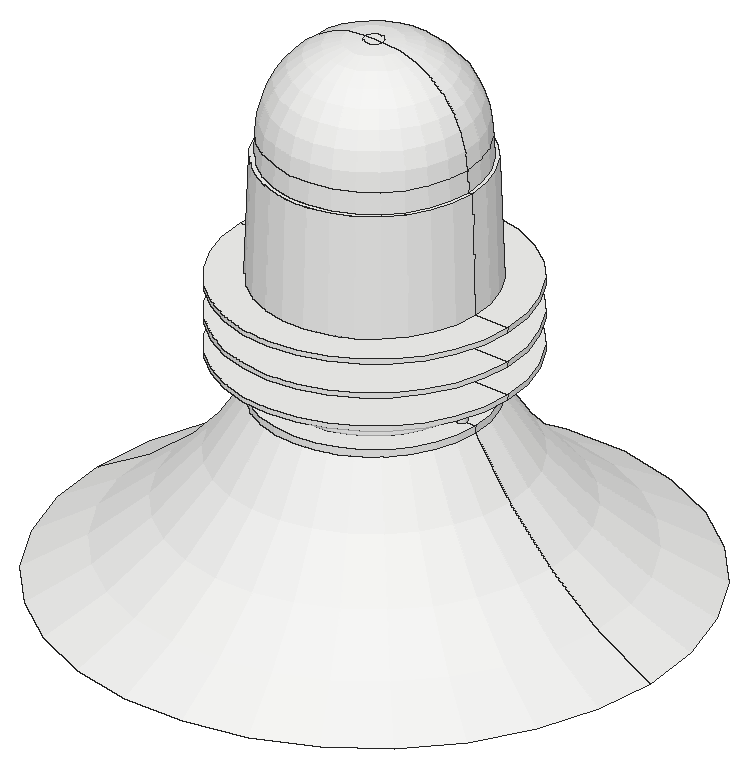
Revit family "UCS", category Lighting Fixtures, Revit 2021
Family settings
  Round Connector Dimension = Use Diameter
  Part Type = Normal
  OmniClass Number = 23.80.70.14
  OmniClass Title = Luminaries for External Lighting
  Work Plane-Based = No
  Always vertical = Yes
  Cut with Voids When Loaded = No
  Light Source = No
  Shared = No
  Room Calculation Point = No
Parameters (values of type "13" ø FLR 70 Watt MH-FCO")
  Wattage Comments = "70 watt medium base clear ED-17 HM lamp"
  Voltage = 120 V  # constant formula
  URL = "https://www.currentlighting.com/aal"
  Type Comments = "with opal glass lens"
  Series = "Universe"  # constant formula
  Straight Hood = no
  Skirted Bell Hood = no
  Photometric Web = Web UCS : UCS-FLR-70MH-FCO
  Default elevation = 0.000"
  Note Visible = yes
  External Housing Radius = 7.500"
  Housing Radius = 2.75391"  # constant formula
  Power Factor = 1  # constant formula
  OmniClass Title = "Post-Top Lighting"  # constant formula
  OmniClass Number = "23.80.70.14.11.14"  # constant formula
  Number of Poles = 1
  Note Text = "LF"  # constant formula
  Model = "UCS"  # constant formula
  MasterFormat Title = "Area Lighting"  # constant formula
  MasterFormat Number = "26.56.29"  # constant formula
  Manufacturer = "Architectural Area Lighting"  # constant formula
  Lamp = "Metal Halide"
  Housing Material = Aluminum-Artic White
  Housing Height = 13.000"
  Glass Material = Glass-Acrylic
  Full Load Current = 0.73 A  # constant formula
  Frequency = 60 Hz  # constant formula
  Flared Hood = yes
  Description = "Lighting Fixture"  # constant formula
  Default Elevation = 0.000"
  Assembly Code = "D5020200"
  Apparent Load = 70 VA
Types (6): name | Wattage Comments | Type Comments | Straight Hood | Skirted Bell Hood | External Housing Radius | Lamp | Housing Height | Flared Hood | Apparent Load
  (no name) | "70 watt medium base clear ED-17 HM lamp" | "with opal glass lens" | no | no | 7.500" | "Metal Halide" | 13.000" | yes | 70 VA
  13" ø FLR 70 Watt MH-FCO | "70 watt medium base clear ED-17 HM lamp" | "with opal glass lens" | no | no | 7.500" | "Metal Halide" | 13.000" | yes | 70 VA
  16" ø SKB 70 Watt MH-FCO | "70 watt medium base clear ED-17 HM lamp" | "with skirted bell hood, full cutoff" | no | yes | 7.500" | "Metal Halide" | 16.000" | no | 70 VA
  16" ø STR 42 Watt CFL | "42 watt CFL" | "on relamp door" | yes | no | 8.000" | "Compact Fluorescent" | 12.68359" | no | 42 VA
  16" ø STR 70 Watt MH | "70 watt medium base clear E-17 MH" | "on relamp door" | yes | no | 8.000" | "Metal Halide" | 12.68359" | no | 70 VA
  16" ø STR 70 Watt MH-FCO | "70 watt medium base clear ED-17 MH" | "on relamp door. full cutoff" | yes | no | 8.000" | "Metal Halide" | 12.68359" | no | 70 VA
Reference planes (in)
  plane 1 "Light Source Axis (F/B)": y = 0
  plane 2 "Bottom": z = 0
  plane 3 "Light Source Axis (L/R)": x = 0
  plane 4 "Light Source Elevation": z = 6.5
  plane 5 "Top": z = 13
  plane 6: x = 2.75391
  plane 7: x = 7.5
Forms (in)
  Revolve 1, solid, material "Aluminum-Artic White" <- "Housing Material", detail levels fine
    sketch origin (0, 0, 0) x (1, 0, 0) y (0, 0, 1)
      loop
        line (3.62779, 5.64709) -> (2.19682, 5.64709) -> (2.19682, 5.52209) -> (3.62779, 5.52209) -> (3.62779, 5.64709)
      loop
        line (3.62779, 6.45709) -> (2.19682, 6.45709) -> (2.19682, 6.33209) -> (3.62779, 6.33209) -> (3.62779, 6.45709)
      loop
        line (3.62779, 7.26959) -> (2.75391, 7.26959) -> (2.65787, 10.1778) -> (2.54931, 10.1778) -> (2.53096, 10.70329)
        arc (2.53096, 10.70329) -> (1.85827, 12.32731) -> (0.23425, 13) r 2.29671
        line (0.23425, 13) -> (0, 13) -> (0, 12.875) -> (0.23425, 12.875)
        arc (0.23425, 12.875) -> (1.39548, 12.53846) -> (2.19682, 11.63315) r 2.17171
        line (2.19682, 11.63315) -> (2.19682, 7.14459) -> (3.62779, 7.14459) -> (3.62779, 7.26959)
      axis (0, 13) -> (0, 5.52209)
    angle from 0 to 360
  Revolve 2, solid, material "Glass-Acrylic" <- "Glass Material", detail levels medium+fine
    sketch origin (0, 0, 0) x (1, 0, 0) y (0, 0, 1)
      loop
        line (2.16785, 7.4278) -> (2.10535, 7.4278) -> (2.10535, 2.16785)
        arc (2.10535, 2.16785) -> (1.48871, 0.67914) -> (0, 0.0625) r 2.10535
        line (0, 0.0625) -> (0, 0)
        arc (0, 0) -> (1.5329, 0.63495) -> (2.16785, 2.16785) r 2.16785
        line (2.16785, 2.16785) -> (2.16785, 7.4278)
      axis (0, 7.4278) -> (0, 0)
    angle from 0 to 360
  Revolve 3, solid, material "Aluminum-Artic White" <- "Housing Material", detail levels coarse+medium
    sketch origin (0, 0, 0) x (1, 0, 0) y (0, 0, 1)
      loop
        line (7.5, 1.23024) -> (3.00186, 4.33531) -> (2.75391, 4.33531) -> (2.75391, 7.26959) -> (2.75391, 10.24609)
        arc (2.75391, 10.24609) -> (1.94731, 12.1934) -> (0, 13) r 2.75391
        line (0, 13) -> (0, 7.4278) -> (2.16795, 7.4278) -> (2.16795, 4.21031) -> (2.96775, 4.21031) -> (7.43651, 1.12256) -> (7.5, 1.23024)
      axis (0, 13) -> (0, 1.12256)
    angle from 0 to 360
  Revolve 4, solid, material "Aluminum-Artic White" <- "Housing Material", visible <- "Straight Hood", detail levels fine
    sketch origin (-12, 0, 0) x (1, 0, 0) y (0, 0, 1)
      loop
        line (15.00186, 4.33531) -> (14.75391, 4.33531) -> (14.75391, 4.58531) -> (14.16892, 4.58531) -> (14.16892, 4.46031) -> (14.62891, 4.21031) -> (14.96775, 4.21031) -> (19.43651, 1.12256) -> (19.5, 1.23024) -> (15.00186, 4.33531)
      axis (12, 4.58531) -> (12, 1.12256)
    angle from 0 to 360
  Revolve 5, solid, material "Aluminum-Artic White" <- "Housing Material", visible <- "Skirted Bell Hood", detail levels fine
    sketch origin (0, 0, 0) x (1, 0, 0) y (0, 0, 1)
      loop
        arc (6.63166, 1.23024) -> (5.05349, 3.32468) -> (2.75391, 4.58531) r 6.23748
        line (2.75391, 4.58531) -> (2.16785, 4.58531) -> (2.16785, 4.46031) -> (2.73558, 4.46031)
        arc (2.73558, 4.46031) -> (4.98281, 3.22051) -> (6.52297, 1.16746) r 6.11248
        line (6.52297, 1.16746) -> (7.347, 0) -> (7.5, 0) -> (6.63166, 1.23024)
      axis (0, 4.58531) -> (0, 0)
    angle from 0 to 360
  Revolve 6, solid, material "Aluminum-Artic White" <- "Housing Material", visible <- "Flared Hood", detail levels fine
    sketch origin (0, 0, 0) x (1, 0, 0) y (0, 0, 1)
      loop
        line (2.16639, 4.58531) -> (2.16639, 4.46031) -> (2.62891, 4.3086)
        arc (2.62891, 4.3086) -> (4.55821, 1.8136) -> (7.13854, 0) r 10.55502
        line (7.13854, 0) -> (7.5, 0)
        arc (7.5, 0) -> (4.77529, 1.82387) -> (2.75391, 4.40545) r 10.39872
        line (2.75391, 4.40545) -> (2.75391, 4.58531) -> (2.16639, 4.58531)
      axis (0, 4.58531) -> (0, 0)
    angle from 0 to 360
  Extrusion 7, solid, material "Aluminum-Artic White" <- "Housing Material", detail levels fine
    sketch origin (0, 0, 6.5) x (0, -1, 0) y (1, 0, 0)
      loop
        circle (0, -2.375) r 0.125
      loop
        circle (0, 2.375) r 0.125
    from -1.91469 to 0.64459
Lines and regions (in)
  Masking region 1, detail levels coarse
    outline origin (0, 0, 0) x (1, 0, 0) y (0, 0, 1)
      loop
        line (7.5, 0) -> (2.91211, 6.5) -> (2.91211, 10.08789)
        arc (2.91211, 10.08789) -> (0, 13) -> (-2.91211, 10.08789) r 2.91211
        line (-2.91211, 10.08789) -> (-2.91211, 6.5) -> (-7.5, 0) -> (7.5, 0)
  Masking region 2, detail levels medium+fine
    outline origin (0, 0, 0) x (1, 0, 0) y (0, 0, 1)
      loop
        line (3.62779, 5.64709) -> (2.16785, 5.64709) -> (2.16785, 6.33209) -> (3.62779, 6.33209) -> (3.62779, 6.45709) -> (2.16785, 6.45709) -> (2.16785, 7.14459) -> (3.62779, 7.14459) -> (3.62779, 7.26959) -> (2.75391, 7.26959) -> (2.65787, 10.1778) -> (2.52034, 10.1778) -> (2.50199, 10.70329)
        arc (2.50199, 10.70329) -> (1.8293, 12.32731) -> (0.20528, 13) r 2.29671
        line (0.20528, 13) -> (-0.20528, 13)
        arc (-0.20528, 13) -> (-1.8293, 12.32731) -> (-2.50199, 10.70329) r 2.29671
        line (-2.50199, 10.70329) -> (-2.52034, 10.1778) -> (-2.65787, 10.1778) -> (-2.75391, 7.26959) -> (-3.62779, 7.26959) -> (-3.62779, 7.14459) -> (-2.16785, 7.14459) -> (-2.16785, 6.45709) -> (-3.62779, 6.45709) -> (-3.62779, 6.33209) -> (-2.16785, 6.33209) -> (-2.16785, 5.64709) -> (-3.62779, 5.64709) -> (-3.62779, 5.52209) -> (-2.16785, 5.52209) -> (-2.16785, 4.58531) -> (2.16785, 4.58531) -> (2.16785, 5.52209) -> (3.62779, 5.52209) -> (3.62779, 5.64709)
  Masking region 3, detail levels coarse
    outline origin (0, 0, 0) x (0, 1, 0) y (0, 0, 1)
      loop
        line (7.5, 0) -> (2.75391, 4.74609) -> (2.75391, 10.24609)
        arc (2.75391, 10.24609) -> (0, 13) -> (-2.75391, 10.24609) r 2.75391
        line (-2.75391, 10.24609) -> (-2.75391, 4.74609) -> (-7.5, 0) -> (7.5, 0)
  Masking region 4, detail levels medium+fine
    outline origin (0, 0, 0) x (0, 1, 0) y (0, 0, 1)
      loop
        line (-3.62779, 5.64709) -> (-3.62779, 5.52209) -> (-2.17088, 5.52209) -> (-2.17088, 4.58531) -> (2.17088, 4.58531) -> (2.17088, 5.52209) -> (3.62779, 5.52209) -> (3.62779, 5.64709) -> (2.17088, 5.64709) -> (2.17088, 6.33209) -> (3.62779, 6.33209) -> (3.62779, 6.45709) -> (2.17088, 6.45709) -> (2.17088, 7.14459) -> (3.62779, 7.14459) -> (3.62779, 7.26959) -> (2.75391, 7.26959) -> (2.65787, 10.01959) -> (2.52034, 10.01959) -> (2.50199, 10.70329)
        arc (2.50199, 10.70329) -> (1.8293, 12.32731) -> (0.20528, 13) r 2.29671
        line (0.20528, 13) -> (-0.20528, 13)
        arc (-0.20528, 13) -> (-1.8293, 12.32731) -> (-2.50199, 10.70329) r 2.29671
        line (-2.50199, 10.70329) -> (-2.52034, 10.01959) -> (-2.65787, 10.01959) -> (-2.75391, 7.26959) -> (-3.62779, 7.26959) -> (-3.62779, 7.14459) -> (-2.17088, 7.14459) -> (-2.17088, 6.45709) -> (-3.62779, 6.45709) -> (-3.62779, 6.33209) -> (-2.17088, 6.33209) -> (-2.17088, 5.64709) -> (-3.62779, 5.64709)
  Masking region 5, detail levels coarse
    outline origin (0, 0, 0) x (1, 0, 0) y (0, 1, 0)
      loop
        circle (0, 0) r 7.5
  Masking region 6, detail levels medium+fine
    outline origin (0, 0, 0) x (1, 0, 0) y (0, 1, 0)
      loop
        circle (0, 0) r 7.5
  Masking region 7, visible <- "Straight Hood", detail levels medium+fine
    outline origin (-18, 0, 0) x (1, 0, 0) y (0, 0, 1)
      loop
        arc (16.03583, 1.23024) -> (18, 0) -> (19.96417, 1.23024) r 2.18308
        line (19.96417, 1.23024) -> (25.5, 1.23024) -> (21.00186, 4.33531) -> (20.75391, 4.33531) -> (20.75391, 4.58531) -> (15.24609, 4.58531) -> (15.24609, 4.33531) -> (14.99814, 4.33531) -> (10.5, 1.23024) -> (16.03583, 1.23024)
  Masking region 8, visible <- "Skirted Bell Hood", detail levels medium+fine
    outline origin (0, 0, 0) x (1, 0, 0) y (0, 0, 1)
      loop
        arc (-2.75391, 4.58531) -> (-4.85339, 3.06446) -> (-6.68546, 1.23024) r 16.31413
        line (-6.68546, 1.23024) -> (-7.5, 0) -> (7.5, 0) -> (6.68546, 1.23024)
        arc (6.68546, 1.23024) -> (4.84736, 3.05739) -> (2.75391, 4.58531) r 17.0751
        line (2.75391, 4.58531) -> (-2.75391, 4.58531)
  Masking region 9, visible <- "Flared Hood", detail levels medium+fine
    outline origin (0, 0, 0) x (1, 0, 0) y (0, 0, 1)
      loop
        line (2.75391, 4.58531) -> (-2.75391, 4.58531) -> (-2.75391, 4.33531)
        arc (-2.75391, 4.33531) -> (-4.67423, 1.67204) -> (-7.5, 0) r 8.03018
        line (-7.5, 0) -> (7.5, 0)
        arc (7.5, 0) -> (4.67423, 1.67204) -> (2.75391, 4.33531) r 8.03018
        line (2.75391, 4.33531) -> (2.75391, 4.58531)
  Masking region 10, visible <- "Straight Hood", detail levels medium+fine
    outline origin (0, 24, 0) x (0, 1, 0) y (0, 0, 1)
      loop
        arc (-25.96407, 1.23024) -> (-24, 0) -> (-22.03593, 1.23024) r 2.18293
        line (-22.03593, 1.23024) -> (-16.5, 1.23024) -> (-20.99814, 4.33531) -> (-21.24609, 4.33531) -> (-21.24609, 4.58531) -> (-26.75391, 4.58531) -> (-26.75391, 4.33531) -> (-27.00186, 4.33531) -> (-31.5, 1.23024) -> (-25.96407, 1.23024)
  Masking region 11, visible <- "Skirted Bell Hood", detail levels medium+fine
    outline origin (0, 0, 0) x (0, 1, 0) y (0, 0, 1)
      loop
        arc (-2.75391, 4.58531) -> (-4.83098, 3.0675) -> (-6.63166, 1.23024) r 15.66694
        line (-6.63166, 1.23024) -> (-7.5, 0) -> (7.5, 0) -> (6.63166, 1.23024)
        arc (6.63166, 1.23024) -> (4.83098, 3.0675) -> (2.75391, 4.58531) r 15.66694
        line (2.75391, 4.58531) -> (-2.75391, 4.58531)
  Masking region 12, visible <- "Flared Hood", detail levels medium+fine
    outline origin (0, 0, 0) x (0, 1, 0) y (0, 0, 1)
      loop
        line (2.75391, 4.58531) -> (-2.75391, 4.58531) -> (-2.75391, 4.33531)
        arc (-2.75391, 4.33531) -> (-4.67999, 1.67834) -> (-7.5, 0) r 8.12504
        line (-7.5, 0) -> (7.5, 0)
        arc (7.5, 0) -> (4.67999, 1.67834) -> (2.75391, 4.33531) r 8.12504
        line (2.75391, 4.33531) -> (2.75391, 4.58531)
  symbolic lines, detail levels fine
    curve 1: line (3.62779, 0, 5.52209) -> (-3.62779, 0, 5.52209)
    curve 2: line (3.62779, 0, 5.64709) -> (-3.62779, 0, 5.64709)
    curve 3: line (3.62779, 0, 6.33209) -> (-3.62779, 0, 6.33209)
    curve 4: line (3.62779, 0, 6.45709) -> (-3.62779, 0, 6.45709)
    curve 5: line (3.62779, 0, 7.14459) -> (-3.62779, 0, 7.14459)
    curve 6: line (3.62779, 0, 7.26959) -> (-3.62779, 0, 7.26959)
    curve 7: line (2.52034, 0, 10.1778) -> (-2.52034, 0, 10.1778)
    curve 8: line (0, 2.75391, 6.24351) -> (0, -2.75391, 6.24351)
    curve 9: line (0, 3.62779, 5.52209) -> (0, -3.62779, 5.52209)
    curve 10: line (0, 3.62779, 5.64709) -> (0, -3.62779, 5.64709)
    curve 11: line (0, 3.62779, 6.33209) -> (0, -3.62779, 6.33209)
    curve 12: line (0, 3.62779, 6.45709) -> (0, -3.62779, 6.45709)
    curve 13: line (0, 3.62779, 7.14459) -> (0, -3.62779, 7.14459)
    curve 14: line (0, 3.62779, 7.26959) -> (0, -3.62779, 7.26959)
    curve 15: line (0, 2.5161, 10.1778) -> (0, -2.5161, 10.1778)
    curve 16: circle (0, 0, 0) r 3.62779 normal (0, 0, 1)
    curve 17: circle (0, 0, 0) r 2.19682 normal (0, 0, 1)
  symbolic lines, visible <- "Straight Hood", detail levels fine
    curve 18: line (2.75391, 0, 4.33531) -> (-2.75391, 0, 4.33531)
    curve 20: line (-2.75391, 0, 1.23024) -> (2.75391, 0, 1.23024)
    curve 22: line (0, 2.75391, 1.23024) -> (0, -2.75391, 1.23024)
  symbolic lines, visible <- "Skirted Bell Hood", detail levels fine
    curve 19: line (-6.68546, 0, 1.23024) -> (6.68546, 0, 1.23024)
    curve 23: line (0, -6.63166, 1.23024) -> (0, 6.63166, 1.23024)
  symbolic lines, visible <- "Flared Hood", detail levels fine
    curve 21: line (2.75391, 0, 4.33531) -> (-2.75391, 0, 4.33531)
    curve 24: line (0, 2.75391, 4.33531) -> (0, -2.75391, 4.33531)
  symbolic lines, style "LightingFixturesHiddenLines", detail levels coarse
    curve 25: line (5.3033, -5.3033, 0) -> (-5.3033, 5.3033, 0)
    curve 26: line (5.3033, 5.3033, 0) -> (-5.3033, -5.3033, 0)
  reference lines
    curve 27: circle (0, 0, 0) r 0.5 normal (0, 0, 1)
Dimensions and locks (in)
  "Housing Radius": plane 6 to plane 3 "Light Source Axis (L/R)"
  "External Housing Radius": plane 7 to plane 3 "Light Source Axis (L/R)"
  equal spacing: plane 5 "Top", plane 4 "Light Source Elevation", plane 2 "Bottom"
  "Housing Height": plane 5 "Top" to plane 2 "Bottom"
  Revolve 1 sketch curve to Revolve 1 sketch curve to Revolve 1 sketch curve to plane 6 to Revolve 1 sketch curve to Revolve 1 sketch curve to Revolve 1 sketch curve to Revolve 1 sketch curve to Revolve 1 sketch curve to Revolve 1 sketch curve to Revolve 1 sketch curve = 0.000", 0.000", 0.87388" locked, 0.000" locked, 0.09603" locked, 0.10856" locked, 0.01835" locked, 0.33414" locked, 0.000", 0.000"
  Revolve 1 sketch curve to Revolve 1 sketch curve to plane 4 "Light Source Elevation" to Revolve 1 sketch curve to Revolve 1 sketch curve to Revolve 1 sketch curve to Revolve 1 sketch curve = 0.125" locked, 0.64459" locked, 0.04291" locked, 0.125" locked, 0.685" locked, 0.125" locked
  plane 5 "Top" to Revolve 1 sketch curve to Revolve 1 sketch curve to Revolve 1 sketch curve to Revolve 1 sketch curve = 0.125" locked, 1.24185" locked, 0.92987" locked, 0.52549" locked
  Revolve 2 sketch curve to plane 2 "Bottom" to Revolve 2 sketch curve = 0.0625" locked, 0.000" locked
  locked: plane 5 "Top" to Revolve 2 sketch curve at 5.5722
  plane 6 to Revolve 2 sketch curve to Revolve 2 sketch curve = 0.58606" locked, 0.0625" locked
  Revolve 3 sketch curve to Revolve 3 sketch curve to plane 2 "Bottom" = 0.10768" locked, 1.12256" locked
  plane 7 to Revolve 3 sketch curve to Revolve 3 sketch curve = 0.000" locked, 0.06349" locked
  Revolve 3 sketch curve to Revolve 3 sketch curve to plane 6 to Revolve 3 sketch curve = 0.03411" locked, 0.21384" locked, 0.58595" locked
  plane 5 "Top" to Revolve 3 sketch curve to Revolve 3 sketch curve = 0.000" locked, 5.5722" locked
  plane 4 "Light Source Elevation" to Revolve 3 sketch curve to Revolve 3 sketch curve = 2.16469" locked, 0.125" locked
  locked: plane 5 "Top" to Masking region 1 sketch curve
  Masking region 1 sketch curve to Masking region 1 sketch curve to plane 4 "Light Source Elevation" to Masking region 1 sketch curve to Masking region 1 sketch curve = 0.000" locked, 3.58789" locked, 0.000", 0.000"
  locked: plane 7 to Masking region 1 sketch curve
  "External Housing Radius": plane 3 "Light Source Axis (L/R)" to Masking region 1 sketch curve
  Masking region 2 sketch curve to Masking region 2 sketch curve to plane 4 "Light Source Elevation" to Masking region 2 sketch curve to Masking region 2 sketch curve to Masking region 2 sketch curve to Masking region 2 sketch curve to Masking region 2 sketch curve = 0.125", 0.64459", 0.04291", 0.125", 0.685", 0.125", 0.93678"
  locked: plane 5 "Top" to Masking region 2 sketch curve at 2.8222
  equal spacing: Masking region 2 sketch curve, Masking region 2 sketch curve, Masking region 2 sketch curve, plane 6, Masking region 2 sketch curve, Masking region 2 sketch curve, Masking region 2 sketch curve, Masking region 2 sketch curve, Masking region 2 sketch curve, Masking region 2 sketch curve, Masking region 2 sketch curve
  equal spacing: Masking region 2 sketch curve, Masking region 2 sketch curve, Masking region 2 sketch curve, Masking region 2 sketch curve, Masking region 2 sketch curve, Masking region 2 sketch curve, Masking region 2 sketch curve, Masking region 2 sketch curve, Masking region 2 sketch curve, Masking region 2 sketch curve
  "External Housing Radius": plane 1 "Light Source Axis (F/B)" to Masking region 3 sketch curve
  "Housing Radius": plane 1 "Light Source Axis (F/B)" to Masking region 3 sketch curve
  "External Housing Radius": Masking region 3 sketch curve to plane 1 "Light Source Axis (F/B)"
  "Housing Radius": Masking region 3 sketch curve to plane 1 "Light Source Axis (F/B)"
  locked: plane 5 "Top" to Masking region 3 sketch curve
  Masking region 4 sketch curve to Masking region 4 sketch curve to Masking region 4 sketch curve to Masking region 4 sketch curve to Masking region 4 sketch curve to plane 4 "Light Source Elevation" to Masking region 4 sketch curve to Masking region 4 sketch curve to Masking region 4 sketch curve = 0.93678" locked, 0.125" locked, 0.685" locked, 0.125" locked, 0.04291" locked, 0.64459" locked, 0.125" locked, 2.750" locked
  Masking region 4 sketch curve to Masking region 4 sketch curve to Masking region 4 sketch curve to Masking region 4 sketch curve to Masking region 4 sketch curve to Masking region 4 sketch curve = 0.33111" locked, 0.01835" locked, 0.13753" locked, 0.09603" locked, 0.87388" locked
  Masking region 4 sketch curve to Masking region 4 sketch curve to Masking region 4 sketch curve to Masking region 4 sketch curve to Masking region 4 sketch curve to Masking region 4 sketch curve = 0.87388" locked, 0.09603" locked, 0.13753" locked, 0.01835" locked, 0.33111" locked
  Revolve 4 sketch curve to Revolve 4 sketch curve to plane 6 to Revolve 4 sketch curve = 0.03411" locked, 0.21384" locked, 0.58499" locked
  plane 7 to Revolve 4 sketch curve to Revolve 4 sketch curve = 0.000" locked, 0.06349" locked
  Revolve 4 sketch curve to Revolve 4 sketch curve to plane 2 "Bottom" = 0.10768" locked, 1.12256" locked
  plane 4 "Light Source Elevation" to Revolve 4 sketch curve to Revolve 4 sketch curve to Revolve 4 sketch curve = 1.91469" locked, 0.250" locked, 0.125" locked
  plane 7 to Revolve 5 sketch curve to Revolve 5 sketch curve to Revolve 5 sketch curve = 0.153" locked, 0.71534" locked, 0.10869" locked
  locked: plane 6 to Revolve 5 sketch curve at 0.58606
  Revolve 5 sketch curve to Revolve 5 sketch curve to plane 2 "Bottom" = 0.06278" locked, 1.16746" locked
  plane 4 "Light Source Elevation" to Revolve 5 sketch curve to Revolve 5 sketch curve = 1.91469" locked, 0.125" locked
  locked: Revolve 5 sketch curve to Revolve 5 sketch curve at 0.125
  locked: plane 7 to Revolve 6 sketch curve at 0.36146
  plane 6 to Revolve 6 sketch curve to Revolve 6 sketch curve = 0.125" locked, 0.46251" locked
  plane 4 "Light Source Elevation" to Revolve 6 sketch curve to Revolve 6 sketch curve to Revolve 6 sketch curve = 1.91469" locked, 0.125" locked, 0.15171" locked
  plane 4 "Light Source Elevation" to Masking region 7 sketch curve to Masking region 7 sketch curve = 1.91469" locked, 0.250" locked
  locked: plane 2 "Bottom" to Masking region 7 sketch curve at 0
  Masking region 7 sketch curve to plane 3 "Light Source Axis (L/R)" to Masking region 7 sketch curve = 1.96417" locked, 1.96417" locked
  Masking region 7 sketch curve to plane 2 "Bottom" = 1.23024"
  "External Housing Radius": plane 3 "Light Source Axis (L/R)" to Masking region 7 sketch curve
  locked: plane 4 "Light Source Elevation" to Masking region 8 sketch curve at 1.91469
  Masking region 8 sketch curve to Masking region 8 sketch curve to plane 2 "Bottom" = 0.000" locked, 1.23024" locked
  "External Housing Radius": plane 3 "Light Source Axis (L/R)" to Masking region 8 sketch curve
  locked: Masking region 8 sketch curve to Masking region 8 sketch curve at 0.81454
  locked: plane 7 to Masking region 8 sketch curve at 0.81454
  locked: plane 3 "Light Source Axis (L/R)" to Masking region 8 sketch curve at 2.75391
  "Housing Radius": plane 3 "Light Source Axis (L/R)" to curve 20
  "External Housing Radius": plane 3 "Light Source Axis (L/R)" to Masking region 9 sketch curve
  plane 4 "Light Source Elevation" to Masking region 9 sketch curve to Masking region 9 sketch curve = 2.16469" locked, 0.000" locked
  Masking region 10 sketch curve to Masking region 10 sketch curve to plane 4 "Light Source Elevation" = 0.250" locked, 1.91469" locked
  Masking region 10 sketch curve to Masking region 10 sketch curve to plane 1 "Light Source Axis (F/B)" to Masking region 10 sketch curve to Masking region 10 sketch curve = 0.24795" locked, 2.75391" locked, 2.75391" locked, 0.24795" locked
  Masking region 10 sketch curve to plane 2 "Bottom" to Masking region 10 sketch curve = 1.23024" locked, 0.000" locked
  "External Housing Radius": plane 1 "Light Source Axis (F/B)" to Masking region 10 sketch curve
  "External Housing Radius": Masking region 10 sketch curve to plane 1 "Light Source Axis (F/B)"
  "Housing Radius": curve 22 to plane 1 "Light Source Axis (F/B)"
  "Housing Radius": plane 1 "Light Source Axis (F/B)" to curve 22
  Masking region 11 sketch curve to plane 1 "Light Source Axis (F/B)" to Masking region 11 sketch curve = 2.75391" locked, 2.75391" locked
  locked: Masking region 11 sketch curve to Masking region 11 sketch curve at 0.86834  (x2)
  "External Housing Radius": Masking region 11 sketch curve to plane 1 "Light Source Axis (F/B)"
  "External Housing Radius": plane 1 "Light Source Axis (F/B)" to Masking region 11 sketch curve
  Masking region 11 sketch curve to Masking region 11 sketch curve to plane 2 "Bottom" = 0.000" locked, 1.23024" locked
  "External Housing Radius": Masking region 12 sketch curve to plane 1 "Light Source Axis (F/B)"
  "External Housing Radius": plane 1 "Light Source Axis (F/B)" to Masking region 12 sketch curve
  Masking region 12 sketch curve to Masking region 12 sketch curve to plane 4 "Light Source Elevation" = 0.000" locked, 2.16469" locked
  "External Housing Radius": curve 25 to curve 27  (x2)
  "External Housing Radius": curve 26 to curve 27  (x2)
  equal spacing: Masking region 6, curve 26, Masking region 6
  equal spacing: Masking region 6, curve 25, Masking region 6
  "Default elevation": plane 2 "Bottom" to level
  Extrusion 7 sketch curve to plane 3 "Light Source Axis (L/R)" to Extrusion 7 sketch curve = 2.375" locked, 2.375" locked
  Extrusion 7 to plane 4 "Light Source Elevation" to Extrusion 7 = 0.64459" locked, 1.91469" locked
  "External Housing Radius": radius of Masking region 5 sketch curve
  "External Housing Radius": radius of Masking region 6 sketch curve
  locked: Masking region 3 sketch curve to plane 2 "Bottom" (angle 45.00°)
  locked: plane 2 "Bottom" to Masking region 3 sketch curve (angle 45.00°)
  locked: curve 25 to plane 1 "Light Source Axis (F/B)" (angle 45.00°)
  locked: plane 1 "Light Source Axis (F/B)" to curve 26 (angle 45.00°)
  aligned and locked: plane 3 "Light Source Axis (L/R)" to nested 1
  aligned and locked: plane 1 "Light Source Axis (F/B)" to nested 1
  aligned and locked: Revolve 1 sketch curve to plane 3 "Light Source Axis (L/R)"
  aligned and locked: Revolve 1 sketch curve to Revolve 1 sketch curve
  aligned and locked: plane 5 "Top" to Revolve 1 sketch curve
  aligned and locked: Revolve 2 sketch curve to plane 3 "Light Source Axis (L/R)"
  aligned and locked: Revolve 2 sketch curve to Revolve 2 sketch curve
  aligned and locked: Revolve 3 sketch curve to plane 3 "Light Source Axis (L/R)"
  aligned and locked: Revolve 3 sketch curve to Revolve 3 sketch curve
  aligned and locked: Revolve 3 sketch curve to plane 6  (x2)
  aligned and locked: Masking region 1 sketch curve to plane 2 "Bottom"
  aligned and locked: plane 5 "Top" to Masking region 2 sketch curve
  aligned and locked: Masking region 2 sketch curve to Masking region 2 sketch curve  (x10)
  aligned and locked: curve 1 to Revolve 1
  aligned and locked: curve 2 to Revolve 1
  aligned and locked: curve 3 to Revolve 1
  aligned and locked: curve 4 to Revolve 1
  aligned and locked: curve 5 to Revolve 1
  aligned and locked: curve 6 to Revolve 1
  aligned and locked: Revolve 1 to curve 7
  aligned and locked: Masking region 2 to curve 1
  aligned and locked: curve 2 to Masking region 2
  aligned and locked: curve 1 to Masking region 2
  aligned and locked: Masking region 2 to curve 2
  aligned and locked: Masking region 2 to curve 4
  aligned and locked: curve 3 to Masking region 2
  aligned and locked: curve 4 to Masking region 2
  aligned and locked: Masking region 2 to curve 3
  aligned and locked: curve 6 to Masking region 2
  aligned and locked: Masking region 2 to curve 5
  aligned and locked: Masking region 2 to curve 6
  aligned and locked: curve 5 to Masking region 2
  aligned and locked: curve 7 to Masking region 2
  aligned and locked: Masking region 2 to curve 7
  aligned and locked: Masking region 3 sketch curve to plane 2 "Bottom"
  aligned and locked: Masking region 4 sketch curve to Masking region 4 sketch curve  (x15)
  aligned and locked: plane 5 "Top" to Masking region 4 sketch curve
  aligned and locked: curve 9 to Revolve 1
  aligned and locked: curve 10 to Revolve 1
  aligned and locked: curve 11 to Revolve 1
  aligned and locked: curve 12 to Revolve 1
  aligned and locked: curve 13 to Revolve 1
  aligned and locked: curve 14 to Revolve 1
  aligned and locked: curve 15 to Revolve 1
  aligned and locked: Masking region 4 to curve 9
  aligned and locked: curve 10 to Masking region 4
  aligned and locked: Masking region 4 to curve 11
  aligned and locked: curve 12 to Masking region 4
  aligned and locked: Masking region 4 to curve 13
  aligned and locked: curve 14 to Masking region 4
  aligned and locked: Masking region 4 to curve 15  (x2)
  aligned and locked: curve 9 to Masking region 4
  aligned and locked: Masking region 4 to curve 10
  aligned and locked: curve 11 to Masking region 4
  aligned and locked: Masking region 4 to curve 12
  aligned and locked: Masking region 4 to curve 14
  aligned and locked: curve 13 to Masking region 4
  aligned and locked: plane 1 "Light Source Axis (F/B)" to Masking region 5 sketch curve
  aligned and locked: plane 3 "Light Source Axis (L/R)" to Masking region 5 sketch curve
  aligned and locked: plane 1 "Light Source Axis (F/B)" to Masking region 6 sketch curve
  aligned and locked: plane 3 "Light Source Axis (L/R)" to Masking region 6 sketch curve
  aligned and locked: curve 16 to Revolve 1
  aligned and locked: curve 17 to Revolve 1
  aligned and locked: plane 6 to Revolve 4 sketch curve
  aligned and locked: Revolve 4 sketch curve to plane 3 "Light Source Axis (L/R)"
  aligned and locked: Revolve 5 sketch curve to plane 3 "Light Source Axis (L/R)"
  aligned and locked: plane 2 "Bottom" to Revolve 5 sketch curve
  aligned and locked: plane 6 to Revolve 5 sketch curve
  aligned and locked: Revolve 6 sketch curve to plane 3 "Light Source Axis (L/R)"
  aligned and locked: Revolve 6 sketch curve to plane 6
  aligned and locked: plane 7 to Revolve 6 sketch curve
  aligned and locked: plane 2 "Bottom" to Revolve 6 sketch curve
  aligned and locked: Masking region 7 sketch curve to Masking region 7 sketch curve  (x2)
  aligned and locked: plane 7 to Masking region 7 sketch curve
  aligned and locked: Revolve 4 to curve 18
  aligned and locked: plane 6 to curve 18
  aligned and locked: Masking region 7 to curve 18
  aligned and locked: Masking region 8 sketch curve to plane 2 "Bottom"
  aligned and locked: plane 7 to Masking region 8 sketch curve
  aligned and locked: curve 19 to Revolve 4
  aligned and locked: curve 19 to Masking region 8
  aligned and locked: Masking region 8 to curve 19
  aligned and locked: plane 6 to curve 20
  aligned and locked: curve 19 to curve 20
  aligned and locked: Masking region 9 sketch curve to Masking region 7
  aligned and locked: Masking region 9 sketch curve to plane 6
  aligned and locked: Masking region 9 sketch curve to plane 2 "Bottom"
  aligned and locked: plane 7 to Masking region 9 sketch curve
  aligned and locked: Masking region 9 to curve 21
  aligned and locked: plane 6 to curve 21
  aligned and locked: Revolve 4 to curve 21
  aligned and locked: Masking region 10 sketch curve to Masking region 10 sketch curve  (x2)
  aligned and locked: Masking region 10 to Masking region 10
  aligned and locked: Revolve 4 to curve 22
  aligned and locked: plane 2 "Bottom" to Masking region 11 sketch curve
  aligned and locked: curve 23 to Masking region 10
  aligned and locked: curve 23 to Masking region 11
  aligned and locked: Masking region 11 to curve 23
  aligned and locked: Masking region 12 sketch curve to Masking region 10  (x2)
  aligned and locked: plane 2 "Bottom" to Masking region 12 sketch curve
  aligned and locked: Revolve 4 to curve 24
  aligned and locked: Masking region 12 to curve 24
  aligned and locked: curve 24 to Masking region 12
  aligned and locked: plane 3 "Light Source Axis (L/R)" to curve 27
  aligned and locked: plane 1 "Light Source Axis (F/B)" to curve 27
  aligned and locked: plane 1 "Light Source Axis (F/B)" to Extrusion 7 sketch curve  (x2)
  aligned and locked: Extrusion 7 to Masking region 2
  aligned and locked: Revolve 1 to Extrusion 7
  aligned and locked: nested 2 to plane 3 "Light Source Axis (L/R)"
  aligned and locked: nested 2 to plane 1 "Light Source Axis (F/B)"
Automatic sketch dimensions
  Revolve 1 sketch curve to Revolve 1 sketch curve = 0.000"
  Revolve 1 sketch curve to level = 11.59245"
  Revolve 1 sketch curve to Revolve 1 sketch curve = 79.86141"
  Revolve 2 sketch curve to level = 11.59245"
  plane 5 "Top" to Revolve 2 sketch curve = 79.86141"
  Masking region 1 sketch curve to plane 3 "Light Source Axis (L/R)" = 0.000"
  Masking region 2 sketch curve to plane 6 = 0.000"
  Masking region 2 sketch curve to plane 6 = 0.09603"
  Masking region 2 sketch curve to Masking region 2 sketch curve = 0.13753"  (x2)
  Masking region 2 sketch curve to plane 6 = 0.25191"
  Masking region 2 sketch curve to plane 6 = 0.58606"
  plane 3 "Light Source Axis (L/R)" to Masking region 2 sketch curve = 0.20528"
  Masking region 2 sketch curve to plane 3 "Light Source Axis (L/R)" = 0.20528"
  Masking region 2 sketch curve to plane 3 "Light Source Axis (L/R)" = 2.16785"
  Masking region 2 sketch curve to plane 5 "Top" = 2.29671"
  Masking region 2 sketch curve to Masking region 2 sketch curve = 0.01835"
  Masking region 2 sketch curve to Masking region 2 sketch curve = 0.58606"
  Masking region 2 sketch curve to Masking region 2 sketch curve = 0.87388"
  Masking region 2 sketch curve to Masking region 2 sketch curve = 1.45994"
  Masking region 2 sketch curve to Masking region 2 sketch curve = 0.000"  (x3)
  plane 6 to Masking region 2 sketch curve = 0.87388"
  Masking region 2 sketch curve to Masking region 2 sketch curve = 0.52549"
  plane 1 "Light Source Axis (F/B)" to Masking region 4 sketch curve = 0.20528"
  Masking region 4 sketch curve to plane 1 "Light Source Axis (F/B)" = 0.20528"
  Revolve 5 sketch curve to Revolve 5 sketch curve = 0.000"  (x2)
  Revolve 5 sketch curve to plane 7 = 0.000"
  Revolve 5 sketch curve to level = 11.59245"
  plane 5 "Top" to Revolve 5 sketch curve = 79.545"
  Masking region 7 sketch curve to plane 6 = 0.000"
  Masking region 7 sketch curve to plane 3 "Light Source Axis (L/R)" = 3.00186"
  Masking region 7 sketch curve to Masking region 7 sketch curve = 0.24795"
  plane 6 to Masking region 7 sketch curve = 0.24795"
  Masking region 9 sketch curve to plane 4 "Light Source Elevation" = 1.10102"  (x2)
  Masking region 10 sketch curve to Masking region 10 sketch curve = 0.78983"
  Masking region 4 sketch curve to plane 1 "Light Source Axis (F/B)" = 2.17088"
  plane 1 "Light Source Axis (F/B)" to Masking region 4 sketch curve = 2.17088"
  Masking region 10 sketch curve to Masking region 10 sketch curve = 0.95269"
  plane 4 "Light Source Elevation" to curve 8 = 0.25649"
  curve 11 to curve 8 = 0.87388"
  curve 8 to curve 11 = 0.87388"
  Masking region 11 sketch curve to Masking region 11 sketch curve = 1.21175"  (x2)
  Masking region 12 sketch curve to plane 4 "Light Source Elevation" = 1.17736"  (x2)
  Revolve 3 sketch curve to level = 11.59245"
  Revolve 3 sketch curve to plane 4 "Light Source Elevation" = 0.76959"
  Revolve 3 sketch curve to Revolve 3 sketch curve = 79.86141"
  Masking region 8 sketch curve to plane 6 = 0.000"
  Masking region 8 sketch curve to plane 3 "Light Source Axis (L/R)" = 6.23668"
  Masking region 8 sketch curve to plane 7 = 1.76332"
  Revolve 4 sketch curve to level = 11.59245"
  plane 5 "Top" to Revolve 4 sketch curve = 79.86141"
  Revolve 4 sketch curve to plane 6 = 0.125"
  Revolve 4 sketch curve to Revolve 4 sketch curve = 0.125"
  Revolve 6 sketch curve to Revolve 6 sketch curve = 0.000"  (x2)
  Revolve 6 sketch curve to plane 4 "Light Source Elevation" = 2.94529"
  Revolve 6 sketch curve to level = 11.59245"
  plane 5 "Top" to Revolve 6 sketch curve = 79.545"
  Masking region 9 sketch curve to Masking region 9 sketch curve = 0.250"
  Masking region 11 sketch curve to level = 8.78038"
  Masking region 12 sketch curve to Masking region 12 sketch curve = 0.250"
  radius of curve 27 = 0.500"
  radius of Extrusion 7 sketch curve = 0.125"  (x2)
Nested families (in)
  nested 1: "Notation" at (0, 0, 0), visible <- "Note Visible", type "Notation"
  nested 2: "Web UCS" at (-0.03999, 0.23896, 7.14459) x (0, 1, 0) z (0, 0, -1), type <- "Photometric Web", type "UCS-FLR-70MH-FCO"
Connectors (in)
  electrical at (0, 0, 7.26959), driven by "Power Factor", driven by "Apparent Load", driven by "Apparent Load", driven by "Voltage", driven by "Number of Poles", driven by "Wattage Comments"
    settings: on Revolve 1, index 1, voltage 120 V, apparent load 70 VA, apparent load phase1 70 VA, apparent load phase2 0 VA, apparent load phase3 0 VA, power factor 1, load classification "Lighting", number of poles 1, system type 30, power factor state 0, is connector primary yes, connector utility no, sub classification motor no, connector description "70 watt medium base clear ED-17 HM lamp"
Definition of nested family "Notation"
  Parameters
    Notation = "LF"
  Reference planes (in)
    plane 1: y = 0
    plane 2: x = 0
  Text (in)
    label "Notation" at (0.02149, 0.07192, 0), shows "Notation"
Definition of nested family "Web UCS"
  Parameters
    Wattage Comments = ""
    Wattage = 32 W
    built-in parameter 1150110 = 1 (stored number, unit not read)
    URL = ""
    built-in parameter 1114217 = 1 (stored number, unit not read)
    Tilt Angle = -90.00°
    built-in parameter 1150109 = 1 (stored number, unit not read)
    built-in parameter 1150134 = (empty or 0)
    built-in parameter 1150113 = 1 (stored number, unit not read)
    Product Page URL = ""
    Product Documentation Link = ""
    Photometric Web File = "UCS-ANG-12LED-BW.IES"
    Model = ""
    Manufacturer Phone = ""
    Manufacturer Fax = ""
    Manufacturer = ""
    built-in parameter 1150105 = 206.9 (stored number, unit not read)
    Lumens = 2600 lm
    built-in parameter 1150115 = 1 (stored number, unit not read)
    built-in parameter 1150137 = (empty or 0)
    built-in parameter 1150139 = (empty or 0)
    built-in parameter 1150112 = 1 (stored number, unit not read)
    built-in parameter 1150114 = 1 (stored number, unit not read)
    Lamp = ""
    built-in parameter 1150132 = 1
    built-in parameter 1150102 = (empty or 0)
    built-in parameter 1150107 = 3000 (stored number, unit not read)
    built-in parameter 1150138 = (empty or 0)
    built-in parameter 1150106 = 2.069 (stored number, unit not read)
    Emit from Line Length = 1.000"
    built-in parameter 1150104 = 7.5484 (stored number, unit not read)
    Dimming Lamp Color Temperature Shift = (empty or 0)
    Description = ""
    Default Elevation = 48.000"
    Color Filter = 16777215
    built-in parameter 1114218 = 1 (stored number, unit not read)
    built-in parameter 1150133 = 10 (stored number, unit not read)
  Reference planes (in)
    plane 1 "Center (Front/Back)": y = 0.03999
    plane 2: z = 0
    plane 3 "Center (Left/Right)": x = -0.23896
  Forms (in)
    Extrusion 1, solid
      sketch origin (0, 0, 0.06357) x (1, 0, 0) y (0, 1, 0)
        loop
          line (-48, 48) -> (-48, -48) -> (48, -48) -> (48, 48) -> (-48, 48)
      from -0.06357 to -6.06357
  Lines and regions (in)
    reference lines
      curve 1: line (-0.23896, 0.03999, 18.11448) -> (-0.23896, 0.03999, -22.88552)
      curve 2: line (-0.23896, 0.03999, 34) -> (-0.23896, 0.03999, -22.88552)
      curve 3: line (-0.23896, 29.03999, 0) -> (-0.23896, -29.96001, 0)
      curve 4: line (-37.23896, 0.03999, 0) -> (40.76104, 0.03999, 0)
  Dimensions and locks (in)
    aligned and locked: plane 2 to Extrusion 1
    aligned and locked: level to Extrusion 1
    aligned and locked: plane 3 "Center (Left/Right)" to imposter light
    aligned and locked: imposter light to plane 1 "Center (Front/Back)"
    aligned and locked: curve 1 to plane 3 "Center (Left/Right)"
    aligned and locked: plane 1 "Center (Front/Back)" to curve 2
    aligned and locked: curve 3 to plane 3 "Center (Left/Right)"
    aligned and locked: plane 1 "Center (Front/Back)" to curve 4
